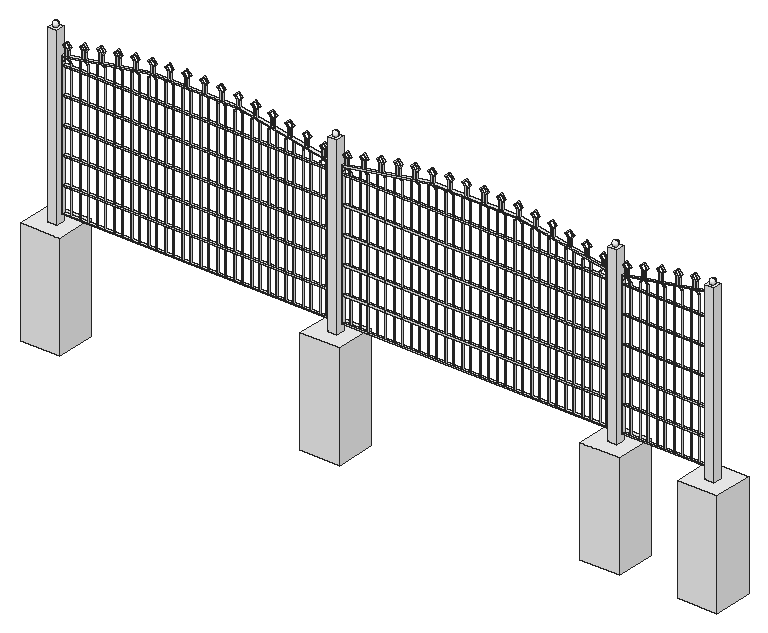
Revit family "NBS_BetafenceLimited_MtlMeshPnlFncngSym_DecoforArco", category Generic Models, Revit 2016 (continued)
Definition of nested family "NBS_BetafenceLimited_MtlMeshPnlFncngSym_DecoforArco_Panel"
  Automatic sketch dimensions
    Extrusion 6 sketch curve to plane 80 = 6 mm
    Extrusion 6 sketch curve to plane 81 = 6 mm
    plane 78 to Extrusion 6 sketch curve = 8.225 mm
    Extrusion 6 sketch curve to plane 86 = 2.534 mm  (x4)
    plane 94 to Extrusion 6 sketch curve = 6 mm
    plane 91 to Extrusion 6 sketch curve = 6 mm
    plane 84 to Extrusion 6 sketch curve = 2.266 mm  (x4)
    Extrusion 6 sketch curve to plane 85 = 2.534 mm  (x4)
    Extrusion 6 sketch curve to plane 83 = 0.26 mm  (x4)
    Extrusion 6 sketch curve to plane 93 = 8.225 mm
    Extrusion 6 sketch curve to plane 92 = 6 mm
    Extrusion 6 sketch curve to plane 93 = 6 mm
    plane 95 to Extrusion 6 sketch curve = 5.39 mm  (x2)
    plane 88 to Extrusion 6 sketch curve = 6 mm
    plane 87 to Extrusion 6 sketch curve = 6 mm
    Extrusion 6 sketch curve to plane 90 = 8.225 mm
    Extrusion 6 sketch curve to plane 89 = 6 mm
    Extrusion 6 sketch curve to plane 90 = 6 mm
    Extrusion 6 sketch curve to plane 99 = 2.534 mm  (x4)
    plane 101 to Extrusion 6 sketch curve = 6 mm
    plane 97 to Extrusion 6 sketch curve = 2.266 mm  (x4)
    Extrusion 6 sketch curve to plane 98 = 2.534 mm  (x4)
    plane 100 to Extrusion 6 sketch curve = 6 mm
    Extrusion 6 sketch curve to plane 96 = 0.26 mm  (x4)
    Extrusion 6 sketch curve to plane 103 = 8.225 mm
    Extrusion 6 sketch curve to plane 102 = 6 mm
    Extrusion 6 sketch curve to plane 103 = 6 mm
    plane 70 to Extrusion 6 sketch curve = 0.889 mm  (x2)
    plane 105 to Extrusion 6 sketch curve = 6 mm
    plane 104 to Extrusion 6 sketch curve = 6 mm
    Extrusion 6 sketch curve to plane 107 = 8.225 mm
    Extrusion 6 sketch curve to plane 106 = 6 mm
    Extrusion 6 sketch curve to plane 107 = 6 mm
    Extrusion 6 sketch curve to plane 112 = 2.534 mm  (x4)
    plane 116 to Extrusion 6 sketch curve = 6 mm
    plane 110 to Extrusion 6 sketch curve = 2.266 mm  (x4)
    Extrusion 6 sketch curve to plane 111 = 2.534 mm  (x4)
    plane 113 to Extrusion 6 sketch curve = 6 mm
    Extrusion 6 sketch curve to plane 109 = 0.26 mm  (x4)
    Extrusion 6 sketch curve to plane 115 = 8.225 mm
    Extrusion 6 sketch curve to plane 114 = 6 mm
    Extrusion 6 sketch curve to plane 115 = 6 mm
    Extrusion 6 sketch curve to plane 58 = 1.325 mm  (x2)
    plane 118 to Extrusion 6 sketch curve = 6 mm
    plane 117 to Extrusion 6 sketch curve = 6 mm
    Extrusion 6 sketch curve to plane 120 = 8.225 mm
    Extrusion 6 sketch curve to plane 119 = 6 mm
    Extrusion 6 sketch curve to plane 120 = 6 mm
    Extrusion 6 sketch curve to plane 125 = 2.534 mm  (x4)
    plane 129 to Extrusion 6 sketch curve = 6 mm
    Extrusion 6 sketch curve to plane 124 = 2.534 mm  (x4)
    plane 123 to Extrusion 6 sketch curve = 2.266 mm  (x4)
    plane 126 to Extrusion 6 sketch curve = 6 mm
    Extrusion 6 sketch curve to plane 122 = 0.26 mm  (x4)
    Extrusion 6 sketch curve to plane 128 = 8.225 mm
    Extrusion 6 sketch curve to plane 127 = 6 mm
    Extrusion 6 sketch curve to plane 128 = 6 mm
    plane 109 to Extrusion 6 sketch curve = 0.713 mm  (x2)
    plane 133 to Extrusion 6 sketch curve = 6 mm
    plane 130 to Extrusion 6 sketch curve = 6 mm
    Extrusion 6 sketch curve to plane 132 = 8.225 mm
    Extrusion 6 sketch curve to plane 131 = 6 mm
    Extrusion 6 sketch curve to plane 132 = 6 mm
    Extrusion 6 sketch curve to plane 138 = 2.534 mm  (x4)
    plane 141 to Extrusion 6 sketch curve = 6 mm
    plane 136 to Extrusion 6 sketch curve = 2.266 mm  (x4)
    Extrusion 6 sketch curve to plane 137 = 2.534 mm  (x4)
    plane 139 to Extrusion 6 sketch curve = 6 mm
    Extrusion 6 sketch curve to plane 135 = 0.26 mm  (x4)
    Extrusion 6 sketch curve to plane 142 = 8.225 mm
    Extrusion 6 sketch curve to plane 140 = 6 mm
    Extrusion 6 sketch curve to plane 142 = 6 mm
    Extrusion 6 sketch curve to plane 122 = 4.129 mm  (x2)
    plane 145 to Extrusion 6 sketch curve = 6 mm
    plane 143 to Extrusion 6 sketch curve = 6 mm
    Extrusion 6 sketch curve to plane 146 = 8.225 mm
    Extrusion 6 sketch curve to plane 144 = 6 mm
    Extrusion 6 sketch curve to plane 146 = 6 mm
    Extrusion 6 sketch curve to plane 48 = 2.534 mm  (x4)
    plane 55 to Extrusion 6 sketch curve = 6 mm
    plane 45 to Extrusion 6 sketch curve = 2.266 mm  (x4)
    Extrusion 6 sketch curve to plane 44 = 2.534 mm  (x4)
    plane 55 to Extrusion 6 sketch curve = 8.197 mm
    Extrusion 6 sketch curve to plane 53 = 6 mm
    Extrusion 6 sketch curve to plane 46 = 0.228 mm  (x4)
    Extrusion 6 sketch curve to plane 47 = 8.551 mm  (x2)
    plane 11 to Extrusion 6 sketch curve = 8.197 mm
    Extrusion 6 sketch curve to plane 54 = 6 mm
    plane 11 to Extrusion 6 sketch curve = 6 mm
    plane 10 "LeftPostOffset" to Extrusion 6 sketch curve = 6 mm
    plane 10 "LeftPostOffset" to Extrusion 6 sketch curve = 8.197 mm
    plane 51 to Extrusion 6 sketch curve = 6 mm
    Extrusion 6 sketch curve to plane 49 = 8.197 mm
    Extrusion 6 sketch curve to plane 52 = 6 mm
    Extrusion 6 sketch curve to plane 49 = 6 mm
